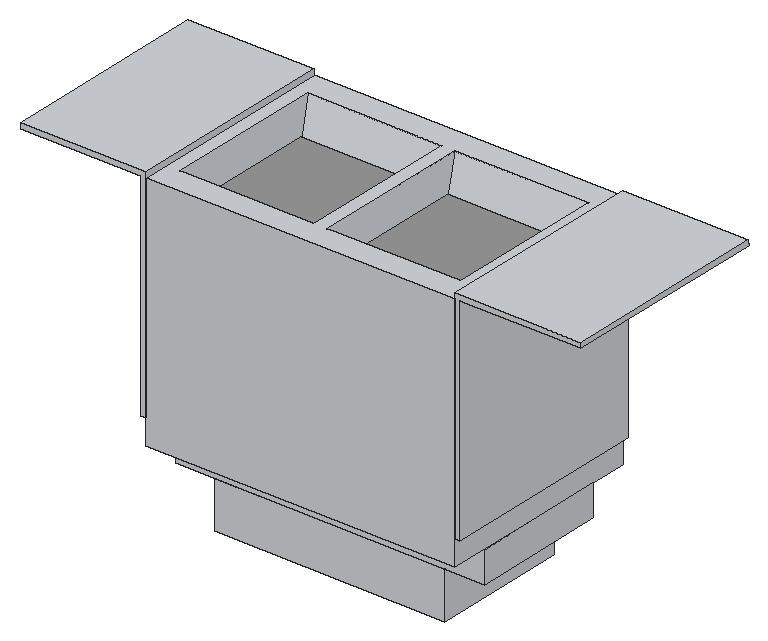
Revit family "2061103 Sylvania Lighting Fixture DOMINO 2xLED 940 BLACK MB TRIMLESS WHITE", category Lighting Fixtures, host Face, Revit 2018
Family settings
  Host = Face
  Round Connector Dimension = Use Diameter
  Part Type = Normal
  OmniClass Number = 23.80.70.00
  OmniClass Title = Lighting
  Cut with Voids When Loaded = No
  Light Source = Yes
  Shared = No
  Room Calculation Point = No
Parameters (values of type "2061103 DOMINO 2XLED 940 BLACK MB TS WHT ")
  top top length = 44 mm
  Width = 50 mm
  Weight = "n/a"
  Wattage Comments = ""
  Wattage = 9.2903 W
  WarrantyStartDate [instance] = "n/a"
  WarrantyGuarantorParts = "n/a"
  WarrantyDurationUnit = "n/a"
  WarrantyDurationParts = ""
  WarrantyDescription = "http://www.sylvania-lighting.com"
  built-in parameter 1150110 = 1 (stored number, unit not read)
  Voltage = 0 V
  URL = "0.6"
  TypeName = "DOMINO 2xLED 940 BLACK MB TRIMLESS WHITE"
  Type Image = <None>
  Type Comments = "n/a"
  built-in parameter 1114217 = 1 (stored number, unit not read)
  Top Width = 26 mm
  Tilt Angle = 90.00°
  built-in parameter 1150109 = 1 (stored number, unit not read)
  built-in parameter 1150134 = 3
  built-in parameter 1150113 = 1 (stored number, unit not read)
  SerialNumber [instance] = "n/a"
  Recessed Width = 43 mm
  Recessed Length = 63 mm
  Photometric Web File = "2061103.ies"
  Material_3_FEILO = none
  PowerFactor = 0
  PowerConsumption = "Lighting"
  NominalLength = 40 mm
  NominalHeight = 0 mm
  NominalDepth = 0 mm
  Name = "DOMINO 2xLED 940 BLACK MB TRIMLESS WHITE"
  ModelReference = Name  # "DOMINO 2xLED 940 BLACK MB TRIMLESS WHITE"
  ModelNumber = "2061103"
  Model = Name  # "DOMINO 2xLED 940 BLACK MB TRIMLESS WHITE"
  Material = "Feilo Sylvania"
  ManufacturerName = "58 lm/W"
  Manufacturer = ""
  LuminousEfficacy = ""
  built-in parameter 1150105 = 109.82 (stored number, unit not read)
  Lumens = 1380 lm
  LuminaireType = "0"
  built-in parameter 1150115 = 1 (stored number, unit not read)
  LightOutputRatio = "LED"
  built-in parameter 1150137 = (empty or 0)
  built-in parameter 1150139 = (empty or 0)
  Lens Width = 32 mm
  Lens = Glass, White, High Luminance
  Length = 69 mm
  LampsType = Lamp  # "n/a"
  LampNominalLuminous = "4000 K"
  LampMacAdamStep = "90"
  LampColourTemperature = "LED"
  LampColourRenderingIndex = "16500"
  built-in parameter 1150112 = 1 (stored number, unit not read)
  built-in parameter 1150114 = 1 (stored number, unit not read)
  Lamp = "n/a"
  Keynote = "n/a"
  InstallationDate [instance] = "n/a"
  InputVoltage = "0"
  InputNominalFrequency = "4000"
  built-in parameter 1150132 = (empty or 0)
  built-in parameter 1150102 = (empty or 0)
  built-in parameter 1150107 = 3200 (stored number, unit not read)
  built-in parameter 1150138 = (empty or 0)
  IngressProtection = "IfcLightFixtureType"
  ImpactProtectionIndex = "IfcLightFixtureType"
  built-in parameter 1150106 = 1.0982 (stored number, unit not read)
  IfcExportType = "IfcLightFixtureType"
  IfcExportAs = "Class II"
  Facia internal width = 37 mm
  Facia internal length = 56 mm
  Facia Height = 2 mm
  ExpectedLife = 50000
  Emit from Circle Diameter = 609.6 mm
  Emit Shape Visible in Rendering = no
  ElectricShockClassification = "58"
  built-in parameter 1150104 = 13.8 (stored number, unit not read)
  DurationUnit = "hours"
  DocumentationLiterature = "http://www.sylvania-lighting.com/product/en-int/products/2061103"
  DimmingControlOptions = "n/a"
  Material_2_FEILO = none
  Dimming Lamp Color Temperature Shift = <None>
  Description = "Modular LED recessed linear spotlight, ideal for retail and hospitality applications. Die-cast aluminium body, passive cooling. Two levels of reflector installation, low glaring UGR<16. 2x LED source, 30° beam angle , optics: PMMA lens and polycarbonate reflector combination, Black matt reflector finish. Light color temperature: 4000K neutral white, total system power: 6W , total fixture lumen output: 345lm, efficacy: 58 lm/W, Ra90 typical, LED chromacity: 3 step MacAdam ellipse (SDCM3), lifespan: 96,000 hours at 90% of the original output (L90B10), IR/UV free light source without heat radiation, operating voltage: 220-240V / 50-60Hz, electronic driver, ultra low flicker, non-dimmable , electrical protection: Class II. Degree of Protection: IP40/IP20, suitable for indoor environment only. Ceiling cut-out: 42x42mm, outer dimensions:  64x40mm , trimless frame RAL 9016 - Traffic white / Bezel color.5 years Warranty."
  Default Elevation = 1219.2 mm
  CreatedOn = "11/02/2021"
  CreatedBy = "@sylvania-lighting.com"
  Cost = 0
  Color Filter = 16777215
  built-in parameter 1114216 [instance] = (empty or 0)
  ClassificationValue = "EF_70_80"
  ClassificationName = "Uniclass2015"
  Material_1_FEILO = none
  Body Width = 40 mm
  Body Length = 59 mm
  BarCode [instance] = "n/a"
  built-in parameter 1114218 = 1 (stored number, unit not read)
  built-in parameter 1150133 = 10 (stored number, unit not read)
  AssetType = "Fixed"
  AssetIdentifier [instance] = "n/a"
  Assembly Code = "D5020200"
  Apparent Load = 6 VA
  Material_4_FEILO = none
Reference planes
  plane 1 "Center (Front/Back)": y = 0
  plane 2: z = 0
  plane 3 "Center (Left/Right)": x = 0
  plane 4: z = 0
  plane 5: z = -7
  plane 6: z = -45.895
  plane 7: z = -51.895
  plane 8: z = -60.895
  plane 9: x = -31.5
  plane 10: x = 31.5
  plane 11: y = 21.5
  plane 12: y = -21.5
  plane 13: x = -34.5
  plane 14: x = 34.5
  plane 15: y = 25
  plane 16: y = -25
  plane 17: x = 28
  plane 18: x = -28
  plane 19: y = 18.5
  plane 20: y = -18.5
  plane 21: z = 2
  plane 22: x = -29.5
  plane 23: x = 29.5
  plane 24: y = 20
  plane 25: y = -20
  plane 26: y = 13
  plane 27: y = -13
  plane 28: x = 22
  plane 29: y = 16
  plane 30: y = -16
  plane 31: x = -27
  plane 32: x = -1
  plane 33: x = -26
  plane 34: x = -2
  plane 35: y = 12.5
  plane 36: y = -12.5
  plane 37: x = 27
  plane 38: x = 1
  plane 39: x = 2
  plane 40: x = 26.026
  plane 41: x = -30.5
  plane 42: z = 1
  plane 43: x = -53.5
  plane 44: z = -41
  plane 45: x = 30.5
  plane 46: x = 53.5
Forms (mm)
  Extrusion 1, solid, not visible, detail levels medium+fine
    sketch origin (4.2, 0, 0) x (1, 0, 0) y (0, 1, 0)
      loop
        line (-29.2, 34.5) -> (-29.2, -34.5) -> (20.8, -34.5) -> (20.8, 34.5) -> (-29.2, 34.5)
    from 0 to 1
  Extrusion 2, solid, not visible, detail levels medium+fine
    sketch origin (4.044, 0, 0) x (1, 0, 0) y (0, 1, 0)
      loop
        line (-29.2, 34.5) -> (-29.2, -34.5) -> (20.8, -34.5) -> (20.8, 34.5) -> (-29.2, 34.5)
    from 0 to 1
  Blend 3, solid, not visible, detail levels medium+fine
    base sketch origin (4.2, 0, 0) x (1, 0, 0) y (0, 1, 0)
      loop
        line (-29.2, 34.5) -> (-29.2, -34.5) -> (20.8, -34.5) -> (20.8, 34.5) -> (-29.2, 34.5)
    top sketch origin (4.2, 0, 0) x (1, 0, 0) y (0, 1, 0)
      loop
        line (-21.7, 28) -> (-21.7, -28) -> (13.3, -28) -> (13.3, 28) -> (-21.7, 28)
    from 1 to 3
  Extrusion 4, solid, not visible, detail levels medium+fine
    sketch origin (3.419, 0, 0) x (1, 0, 0) y (0, 1, 0)
      loop
        line (-29.2, 34.5) -> (-29.2, -34.5) -> (20.8, -34.5) -> (20.8, 34.5) -> (-29.2, 34.5)
    from 0 to 1
  Blend 5, solid, not visible, detail levels medium+fine
    base sketch origin (3.575, 0, 0) x (1, 0, 0) y (0, 1, 0)
      loop
        line (-29.2, 34.5) -> (-29.2, -34.5) -> (20.8, -34.5) -> (20.8, 34.5) -> (-29.2, 34.5)
    top sketch origin (3.575, 0, 0) x (1, 0, 0) y (0, 1, 0)
      loop
        line (-21.7, 28) -> (-21.7, -28) -> (13.3, -28) -> (13.3, 28) -> (-21.7, 28)
    from 1 to 3
  Extrusion 6, solid, not visible, detail levels medium+fine
    sketch origin (4.247, 0, 0) x (1, 0, 0) y (0, 1, 0)
      loop
        line (-29.2, 34.5) -> (-29.2, -34.5) -> (20.8, -34.5) -> (20.8, 34.5) -> (-29.2, 34.5)
    from 0 to 1
  Blend 7, solid, not visible, detail levels medium+fine
    base sketch origin (4.403, 0, 0) x (1, 0, 0) y (0, 1, 0)
      loop
        line (-29.2, 34.5) -> (-29.2, -34.5) -> (20.8, -34.5) -> (20.8, 34.5) -> (-29.2, 34.5)
    top sketch origin (4.403, 0, 0) x (1, 0, 0) y (0, 1, 0)
      loop
        line (-21.7, 28) -> (-21.7, -28) -> (13.3, -28) -> (13.3, 28) -> (-21.7, 28)
    from 1 to 3
  Extrusion 8, void, detail levels medium+fine
    sketch origin (4.2, 0, 0) x (0, 1, 0) y (1, 0, 0)
      loop
        line (21.5, -35.7) -> (21.5, 27.3) -> (-21.5, 27.3) -> (-21.5, -35.7) -> (21.5, -35.7)
    from -9.934 to 83.097
  Extrusion 9, solid, detail levels medium+fine
    sketch origin (4.2, 0, 0) x (1, 0, 0) y (0, 1, 0)
      loop
        line (-33.7, 20) -> (-33.7, -20) -> (25.3, -20) -> (25.3, 20) -> (-33.7, 20)
    from 0 to -45.895
  Extrusion 10, solid, detail levels medium+fine
    sketch origin (4.2, 0, 0) x (1, 0, 0) y (0, 1, 0)
      loop
        line (-33.7, 13) -> (-33.7, -13) -> (25.3, -13) -> (25.3, 13) -> (-33.7, 13)
    from -51.895 to -45.895
  Extrusion 11, solid, detail levels fine
    sketch origin (4.2, 0, 0) x (1, 0, 0) y (0, 1, 0)
      loop
        line (-26.2, 13) -> (-26.2, -13) -> (17.8, -13) -> (17.8, 13) -> (-26.2, 13)
    from -60.895 to -51.895
  Blend 12, void, detail levels medium+fine
    base sketch origin (4.2, 0, 0) x (0, 1, 0) y (-1, 0, 0)
      loop
        line (16, 31.2) -> (-16, 31.2) -> (-16, 5.2) -> (16, 5.2) -> (16, 31.2)
    top sketch origin (4.2, 0, 0) x (0, 1, 0) y (-1, 0, 0)
      loop
        line (12.5, 30.2) -> (-12.5, 30.2) -> (-12.5, 6.2) -> (12.5, 6.2) -> (12.5, 30.2)
    from 2 to -7
  Blend 13, void, detail levels medium+fine
    base sketch origin (4.2, 0, 0) x (0, 1, 0) y (-1, 0, 0)
      loop
        line (16, 3.2) -> (-16, 3.2) -> (-16, -22.8) -> (16, -22.8) -> (16, 3.2)
    top sketch origin (4.2, 0, 0) x (0, 1, 0) y (-1, 0, 0)
      loop
        line (12.5, 2.2) -> (-12.5, 2.2) -> (-12.5, -21.826) -> (12.5, -21.826) -> (12.5, 2.2)
    from 2 to -7
  Extrusion 14, solid, material "Glass, White, High Luminance" <- "Lens", detail levels fine
    sketch origin (0, 1219.2, 38) x (1, 0, 0) y (0, 1, 0)
      loop
        line (-26, -1206.7) -> (-26, -1231.7) -> (-2, -1231.7) -> (-2, -1206.7) -> (-26, -1206.7)
    from -45 to -44
  Extrusion 15, solid, material "Glass, White, High Luminance" <- "Lens", detail levels fine
    sketch origin (4.2, 0, 0) x (1, 0, 0) y (0, 1, 0)
      loop
        line (-2.2, 12.5) -> (-2.2, -12.5) -> (21.826, -12.5) -> (21.826, 12.5) -> (-2.2, 12.5)
    from -7 to -6
  Extrusion 16, solid, detail levels coarse
    sketch origin (0, 1219.2, 38) x (1, 0, 0) y (0, 1, 0)
      loop
        line (53.5, -1199.2) -> (-53.5, -1199.2) -> (-53.5, -1239.2) -> (53.5, -1239.2) -> (53.5, -1199.2)
    from -36 to -98.895
  Extrusion 17, solid, detail levels medium+fine
    sketch origin (0, 0, 0) x (1, 0, 0) y (0, 0, 1)
      loop
        line (-29.5, -41) -> (-29.5, 1) -> (-53.5, 1) -> (-53.5, 0) -> (-30.5, 0) -> (-30.5, -41) -> (-29.5, -41)
    from -20 to 20
  Extrusion 18, solid, detail levels medium+fine
    sketch origin (0, 0, 0) x (1, 0, 0) y (0, 0, 1)
      loop
        line (53.5, 1) -> (29.5, 1) -> (29.5, -41) -> (30.5, -41) -> (30.5, 0) -> (53.5, 0) -> (53.5, 1)
    from -20 to 20
Cuts and joins
  Blend 12, Blend 13 cuts Extrusion 9
Dimensions and locks
  "Recessed Length": plane 9 to plane 10
  equal spacing: plane 9, plane 3 "Center (Left/Right)", plane 10
  "Length": plane 13 to plane 14
  equal spacing: plane 13, plane 3 "Center (Left/Right)", plane 14
  "Recessed Width": plane 11 to plane 12
  equal spacing: plane 11, plane 1 "Center (Front/Back)", plane 12
  "Width": plane 15 to plane 16
  equal spacing: plane 15, plane 1 "Center (Front/Back)", plane 16
  "Facia internal length": plane 18 to plane 17
  equal spacing: plane 18, plane 3 "Center (Left/Right)", plane 17
  "Facia internal width": plane 19 to plane 20
  equal spacing: plane 19, plane 1 "Center (Front/Back)", plane 20
  "Facia Height": plane 21 to host face
  "Body Length": plane 22 to plane 23
  equal spacing: plane 22, plane 3 "Center (Left/Right)", plane 23
  "Body Width": plane 24 to plane 25
  equal spacing: plane 24, plane 1 "Center (Front/Back)", plane 25
  "Top Width": plane 26 to plane 27
  equal spacing: plane 26, plane 1 "Center (Front/Back)", plane 27
  plane 3 "Center (Left/Right)" to plane 28 = 22 mm
  "Lens Width": plane 29 to plane 30
  equal spacing: plane 29, plane 1 "Center (Front/Back)", plane 30
  aligned and locked: plane 2 to host face
  aligned and locked: level to host face
  aligned and locked: plane 7 to Extrusion 11
  aligned and locked: Extrusion 10 to plane 7
  aligned and locked: Extrusion 9 to plane 6
  aligned and locked: Blend 12 to plane 5
  aligned and locked: plane 21 to Blend 12
  aligned and locked: Blend 13 to plane 5
  aligned and locked: plane 21 to Blend 13
Automatic sketch dimensions
  host sketch curve to host sketch curve = 2438.4 mm  (x2)
  Extrusion 1 sketch curve to Extrusion 1 sketch curve = 50 mm
  Extrusion 1 sketch curve to Extrusion 1 sketch curve = 69 mm
  Extrusion 2 sketch curve to Extrusion 2 sketch curve = 50 mm
  Extrusion 2 sketch curve to Extrusion 2 sketch curve = 69 mm
  Blend 3 sketch curve to Blend 3 sketch curve = 50 mm
  Blend 3 sketch curve to Blend 3 sketch curve = 69 mm
  Blend 3 sketch curve to Blend 3 sketch curve = 35 mm
  Blend 3 sketch curve to Blend 3 sketch curve = 56 mm
  Extrusion 4 sketch curve to Extrusion 4 sketch curve = 50 mm
  Extrusion 4 sketch curve to Extrusion 4 sketch curve = 69 mm
  Blend 5 sketch curve to Blend 5 sketch curve = 50 mm
  Blend 5 sketch curve to Blend 5 sketch curve = 69 mm
  Blend 5 sketch curve to Blend 5 sketch curve = 35 mm
  Blend 5 sketch curve to Blend 5 sketch curve = 56 mm
  Extrusion 6 sketch curve to Extrusion 6 sketch curve = 50 mm
  Extrusion 6 sketch curve to Extrusion 6 sketch curve = 69 mm
  Blend 7 sketch curve to Blend 7 sketch curve = 50 mm
  Blend 7 sketch curve to Blend 7 sketch curve = 69 mm
  Blend 7 sketch curve to Blend 7 sketch curve = 35 mm
  Blend 7 sketch curve to Blend 7 sketch curve = 56 mm
  Extrusion 8 sketch curve to plane 9 = 0 mm
  Extrusion 8 sketch curve to plane 12 = 0 mm
  Extrusion 8 sketch curve to plane 11 = 0 mm
  Extrusion 8 sketch curve to plane 10 = 0 mm
  Extrusion 9 sketch curve to plane 22 = 0 mm
  Extrusion 9 sketch curve to plane 23 = 0 mm
  Extrusion 9 sketch curve to plane 25 = 0 mm
  Extrusion 9 sketch curve to plane 24 = 0 mm
  Extrusion 10 sketch curve to plane 22 = 0 mm
  Extrusion 10 sketch curve to plane 23 = 0 mm
  Extrusion 10 sketch curve to plane 27 = 0 mm
  Extrusion 10 sketch curve to plane 26 = 0 mm
  Extrusion 11 sketch curve to plane 27 = 0 mm
  Extrusion 11 sketch curve to plane 28 = 0 mm
  Extrusion 11 sketch curve to plane 26 = 0 mm
  plane 18 to Extrusion 11 sketch curve = 6 mm
  Blend 12 sketch curve to plane 30 = 0 mm
  Blend 12 sketch curve to plane 29 = 0 mm
  Blend 12 sketch curve to plane 32 = 0 mm
  Blend 12 sketch curve to plane 31 = 0 mm
  Blend 12 sketch curve to plane 33 = 0 mm
  Blend 12 sketch curve to plane 36 = 0 mm
  Blend 12 sketch curve to plane 35 = 0 mm
  Blend 12 sketch curve to plane 34 = 0 mm
  Blend 13 sketch curve to plane 30 = 0 mm
  Blend 13 sketch curve to plane 29 = 0 mm
  Blend 13 sketch curve to plane 37 = 0 mm
  Blend 13 sketch curve to plane 38 = 0 mm
  Blend 13 sketch curve to plane 36 = 0 mm
  Blend 13 sketch curve to plane 35 = 0 mm
  Blend 13 sketch curve to plane 40 = 0 mm
  Blend 13 sketch curve to plane 39 = 0 mm
  plane 31 to Extrusion 14 sketch curve = 1 mm
  Extrusion 14 sketch curve to plane 11 = 9 mm
  Extrusion 14 sketch curve to plane 34 = 0 mm
  plane 1 "Center (Front/Back)" to Extrusion 14 sketch curve = 12.5 mm
  Extrusion 15 sketch curve to plane 36 = 0 mm
  Extrusion 15 sketch curve to plane 39 = 0 mm
  Extrusion 15 sketch curve to plane 40 = 0 mm
  Extrusion 15 sketch curve to plane 35 = 0 mm
  Extrusion 16 sketch curve to plane 33 = 27.5 mm
  plane 14 to Extrusion 16 sketch curve = 19 mm
  plane 16 to Extrusion 16 sketch curve = 45 mm
  Extrusion 16 sketch curve to plane 36 = 7.5 mm
  Extrusion 17 sketch curve to level = 0 mm
  Extrusion 17 sketch curve to plane 43 = 0 mm
  Extrusion 17 sketch curve to plane 41 = 0 mm
  Extrusion 17 sketch curve to plane 22 = 0 mm
  Extrusion 17 sketch curve to plane 44 = 0 mm
  Extrusion 17 sketch curve to plane 42 = 0 mm
  Extrusion 18 sketch curve to plane 23 = 0 mm
  Extrusion 18 sketch curve to plane 44 = 0 mm
  Extrusion 18 sketch curve to plane 45 = 0 mm
  Extrusion 18 sketch curve to plane 46 = 0 mm
  Extrusion 18 sketch curve to plane 42 = 0 mm
  Extrusion 18 sketch curve to level = 0 mm
